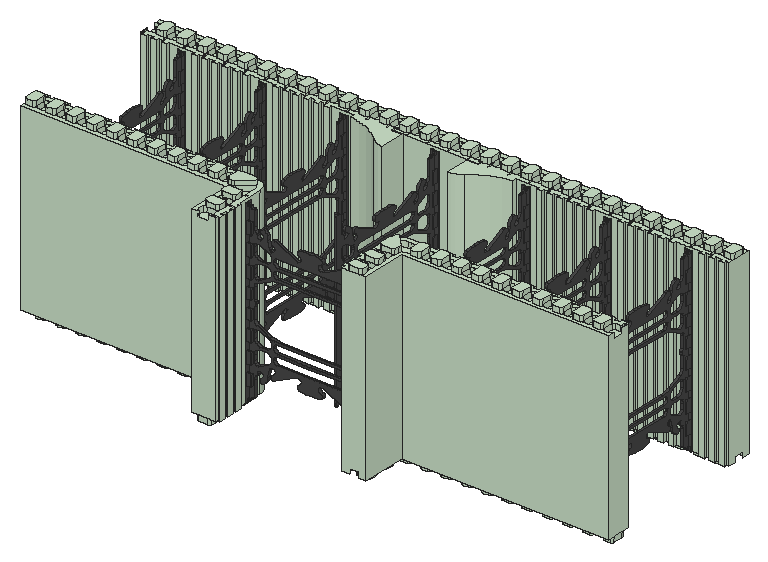
Revit family (continued)
Forms (mm)
  Extrusion 52, void
    sketch origin (50.831, -0.023, 0) x (0, -1, 0) y (1, 0, 0)
      loop
        arc (-130.453, -639.396) -> (-131.763, -647.7) -> (-130.453, -656.003) r 26.987
        arc (-130.453, -656.003) -> (-128.147, -659.184) -> (-124.411, -660.4) r 6.35
        line (-124.411, -660.4) -> (-101.014, -660.4)
        arc (-101.014, -660.4) -> (-98.696, -659.961) -> (-96.698, -658.708) r 6.35
        arc (-96.698, -658.708) -> (-96.199, -658.394) -> (-95.62, -658.285) r 1.588
        line (-95.62, -658.285) -> (-86.829, -658.285) -> (-86.829, -653.946) -> (-92.457, -653.946)
        arc (-92.457, -653.946) -> (-93.668, -653.385) -> (-94.024, -652.1) r 1.588
        arc (-94.024, -652.1) -> (-93.737, -645.691) -> (-94.972, -639.396) r 26.988
        arc (-94.972, -639.396) -> (-97.278, -636.215) -> (-101.014, -635) r 6.35
        line (-101.014, -635) -> (-124.411, -635)
        arc (-124.411, -635) -> (-128.147, -636.215) -> (-130.453, -639.396) r 6.35
    from 457.2 to 444.5
  Extrusion 53, void
    sketch origin (101.631, -0.023, 0) x (0, -1, 0) y (1, 0, 0)
      loop
        arc (-130.453, -639.396) -> (-131.763, -647.7) -> (-130.453, -656.003) r 26.987
        arc (-130.453, -656.003) -> (-128.147, -659.184) -> (-124.411, -660.4) r 6.35
        line (-124.411, -660.4) -> (-101.014, -660.4)
        arc (-101.014, -660.4) -> (-98.696, -659.961) -> (-96.698, -658.708) r 6.35
        arc (-96.698, -658.708) -> (-96.199, -658.394) -> (-95.62, -658.285) r 1.588
        line (-95.62, -658.285) -> (-86.829, -658.285) -> (-86.829, -653.946) -> (-92.457, -653.946)
        arc (-92.457, -653.946) -> (-93.668, -653.385) -> (-94.024, -652.1) r 1.588
        arc (-94.024, -652.1) -> (-93.737, -645.691) -> (-94.972, -639.396) r 26.988
        arc (-94.972, -639.396) -> (-97.278, -636.215) -> (-101.014, -635) r 6.35
        line (-101.014, -635) -> (-124.411, -635)
        arc (-124.411, -635) -> (-128.147, -636.215) -> (-130.453, -639.396) r 6.35
    from 457.2 to 444.5
  Extrusion 54, void
    sketch origin (-914.368, -152.422, 0) x (0, 1, 0) y (-1, 0, 0)
      loop
        arc (-130.453, -639.396) -> (-131.763, -647.7) -> (-130.453, -656.003) r 26.987
        arc (-130.453, -656.003) -> (-128.147, -659.184) -> (-124.411, -660.4) r 6.35
        line (-124.411, -660.4) -> (-101.014, -660.4)
        arc (-101.014, -660.4) -> (-98.696, -659.961) -> (-96.698, -658.708) r 6.35
        arc (-96.698, -658.708) -> (-96.199, -658.394) -> (-95.62, -658.285) r 1.588
        line (-95.62, -658.285) -> (-86.829, -658.285) -> (-86.829, -653.946) -> (-92.457, -653.946)
        arc (-92.457, -653.946) -> (-93.668, -653.385) -> (-94.024, -652.1) r 1.588
        arc (-94.024, -652.1) -> (-93.737, -645.691) -> (-94.972, -639.396) r 26.988
        arc (-94.972, -639.396) -> (-97.278, -636.215) -> (-101.014, -635) r 6.35
        line (-101.014, -635) -> (-124.411, -635)
        arc (-124.411, -635) -> (-128.147, -636.215) -> (-130.453, -639.396) r 6.35
    from 457.2 to 444.5
  Extrusion 55, void
    sketch origin (-965.168, -152.422, 0) x (0, 1, 0) y (-1, 0, 0)
      loop
        arc (-130.453, -639.396) -> (-131.763, -647.7) -> (-130.453, -656.003) r 26.987
        arc (-130.453, -656.003) -> (-128.147, -659.184) -> (-124.411, -660.4) r 6.35
        line (-124.411, -660.4) -> (-101.014, -660.4)
        arc (-101.014, -660.4) -> (-98.696, -659.961) -> (-96.698, -658.708) r 6.35
        arc (-96.698, -658.708) -> (-96.199, -658.394) -> (-95.62, -658.285) r 1.588
        line (-95.62, -658.285) -> (-86.829, -658.285) -> (-86.829, -653.946) -> (-92.457, -653.946)
        arc (-92.457, -653.946) -> (-93.668, -653.385) -> (-94.024, -652.1) r 1.588
        arc (-94.024, -652.1) -> (-93.737, -645.691) -> (-94.972, -639.396) r 26.988
        arc (-94.972, -639.396) -> (-97.278, -636.215) -> (-101.014, -635) r 6.35
        line (-101.014, -635) -> (-124.411, -635)
        arc (-124.411, -635) -> (-128.147, -636.215) -> (-130.453, -639.396) r 6.35
    from 457.2 to 444.5
  Extrusion 56, void
    sketch origin (-1015.968, -152.422, 0) x (0, 1, 0) y (-1, 0, 0)
      loop
        arc (-130.453, -639.396) -> (-131.763, -647.7) -> (-130.453, -656.003) r 26.987
        arc (-130.453, -656.003) -> (-128.147, -659.184) -> (-124.411, -660.4) r 6.35
        line (-124.411, -660.4) -> (-101.014, -660.4)
        arc (-101.014, -660.4) -> (-98.696, -659.961) -> (-96.698, -658.708) r 6.35
        arc (-96.698, -658.708) -> (-96.199, -658.394) -> (-95.62, -658.285) r 1.588
        line (-95.62, -658.285) -> (-86.829, -658.285) -> (-86.829, -653.946) -> (-92.457, -653.946)
        arc (-92.457, -653.946) -> (-93.668, -653.385) -> (-94.024, -652.1) r 1.588
        arc (-94.024, -652.1) -> (-93.737, -645.691) -> (-94.972, -639.396) r 26.988
        arc (-94.972, -639.396) -> (-97.278, -636.215) -> (-101.014, -635) r 6.35
        line (-101.014, -635) -> (-124.411, -635)
        arc (-124.411, -635) -> (-128.147, -636.215) -> (-130.453, -639.396) r 6.35
    from 457.2 to 444.5
  Extrusion 57, void
    sketch origin (-1066.768, -152.422, 0) x (0, 1, 0) y (-1, 0, 0)
      loop
        arc (-130.453, -639.396) -> (-131.763, -647.7) -> (-130.453, -656.003) r 26.987
        arc (-130.453, -656.003) -> (-128.147, -659.184) -> (-124.411, -660.4) r 6.35
        line (-124.411, -660.4) -> (-101.014, -660.4)
        arc (-101.014, -660.4) -> (-98.696, -659.961) -> (-96.698, -658.708) r 6.35
        arc (-96.698, -658.708) -> (-96.199, -658.394) -> (-95.62, -658.285) r 1.588
        line (-95.62, -658.285) -> (-86.829, -658.285) -> (-86.829, -653.946) -> (-92.457, -653.946)
        arc (-92.457, -653.946) -> (-93.668, -653.385) -> (-94.024, -652.1) r 1.588
        arc (-94.024, -652.1) -> (-93.737, -645.691) -> (-94.972, -639.396) r 26.988
        arc (-94.972, -639.396) -> (-97.278, -636.215) -> (-101.014, -635) r 6.35
        line (-101.014, -635) -> (-124.411, -635)
        arc (-124.411, -635) -> (-128.147, -636.215) -> (-130.453, -639.396) r 6.35
    from 457.2 to 444.5
  Extrusion 58, void
    sketch origin (-1117.568, -152.422, 0) x (0, 1, 0) y (-1, 0, 0)
      loop
        arc (-130.453, -639.396) -> (-131.763, -647.7) -> (-130.453, -656.003) r 26.987
        arc (-130.453, -656.003) -> (-128.147, -659.184) -> (-124.411, -660.4) r 6.35
        line (-124.411, -660.4) -> (-101.014, -660.4)
        arc (-101.014, -660.4) -> (-98.696, -659.961) -> (-96.698, -658.708) r 6.35
        arc (-96.698, -658.708) -> (-96.199, -658.394) -> (-95.62, -658.285) r 1.588
        line (-95.62, -658.285) -> (-86.829, -658.285) -> (-86.829, -653.946) -> (-92.457, -653.946)
        arc (-92.457, -653.946) -> (-93.668, -653.385) -> (-94.024, -652.1) r 1.588
        arc (-94.024, -652.1) -> (-93.737, -645.691) -> (-94.972, -639.396) r 26.988
        arc (-94.972, -639.396) -> (-97.278, -636.215) -> (-101.014, -635) r 6.35
        line (-101.014, -635) -> (-124.411, -635)
        arc (-124.411, -635) -> (-128.147, -636.215) -> (-130.453, -639.396) r 6.35
    from 457.2 to 444.5
  Extrusion 59, void
    sketch origin (-1168.368, -152.422, 0) x (0, 1, 0) y (-1, 0, 0)
      loop
        arc (-130.453, -639.396) -> (-131.763, -647.7) -> (-130.453, -656.003) r 26.987
        arc (-130.453, -656.003) -> (-128.147, -659.184) -> (-124.411, -660.4) r 6.35
        line (-124.411, -660.4) -> (-101.014, -660.4)
        arc (-101.014, -660.4) -> (-98.696, -659.961) -> (-96.698, -658.708) r 6.35
        arc (-96.698, -658.708) -> (-96.199, -658.394) -> (-95.62, -658.285) r 1.588
        line (-95.62, -658.285) -> (-86.829, -658.285) -> (-86.829, -653.946) -> (-92.457, -653.946)
        arc (-92.457, -653.946) -> (-93.668, -653.385) -> (-94.024, -652.1) r 1.588
        arc (-94.024, -652.1) -> (-93.737, -645.691) -> (-94.972, -639.396) r 26.988
        arc (-94.972, -639.396) -> (-97.278, -636.215) -> (-101.014, -635) r 6.35
        line (-101.014, -635) -> (-124.411, -635)
        arc (-124.411, -635) -> (-128.147, -636.215) -> (-130.453, -639.396) r 6.35
    from 457.2 to 444.5
  Extrusion 60, void
    sketch origin (-1219.168, -152.422, 0) x (0, 1, 0) y (-1, 0, 0)
      loop
        arc (-130.453, -639.396) -> (-131.763, -647.7) -> (-130.453, -656.003) r 26.987
        arc (-130.453, -656.003) -> (-128.147, -659.184) -> (-124.411, -660.4) r 6.35
        line (-124.411, -660.4) -> (-101.014, -660.4)
        arc (-101.014, -660.4) -> (-98.696, -659.961) -> (-96.698, -658.708) r 6.35
        arc (-96.698, -658.708) -> (-96.199, -658.394) -> (-95.62, -658.285) r 1.588
        line (-95.62, -658.285) -> (-86.829, -658.285) -> (-86.829, -653.946) -> (-92.457, -653.946)
        arc (-92.457, -653.946) -> (-93.668, -653.385) -> (-94.024, -652.1) r 1.588
        arc (-94.024, -652.1) -> (-93.737, -645.691) -> (-94.972, -639.396) r 26.988
        arc (-94.972, -639.396) -> (-97.278, -636.215) -> (-101.014, -635) r 6.35
        line (-101.014, -635) -> (-124.411, -635)
        arc (-124.411, -635) -> (-128.147, -636.215) -> (-130.453, -639.396) r 6.35
    from 457.2 to 444.5
  Extrusion 61, void
    sketch origin (-1269.968, -152.422, 0) x (0, 1, 0) y (-1, 0, 0)
      loop
        arc (-130.453, -639.396) -> (-131.763, -647.7) -> (-130.453, -656.003) r 26.987
        arc (-130.453, -656.003) -> (-128.147, -659.184) -> (-124.411, -660.4) r 6.35
        line (-124.411, -660.4) -> (-101.014, -660.4)
        arc (-101.014, -660.4) -> (-98.696, -659.961) -> (-96.698, -658.708) r 6.35
        arc (-96.698, -658.708) -> (-96.199, -658.394) -> (-95.62, -658.285) r 1.588
        line (-95.62, -658.285) -> (-86.829, -658.285) -> (-86.829, -653.946) -> (-92.457, -653.946)
        arc (-92.457, -653.946) -> (-93.668, -653.385) -> (-94.024, -652.1) r 1.588
        arc (-94.024, -652.1) -> (-93.737, -645.691) -> (-94.972, -639.396) r 26.988
        arc (-94.972, -639.396) -> (-97.278, -636.215) -> (-101.014, -635) r 6.35
        line (-101.014, -635) -> (-124.411, -635)
        arc (-124.411, -635) -> (-128.147, -636.215) -> (-130.453, -639.396) r 6.35
    from 457.2 to 444.5
  Extrusion 62, void
    sketch origin (-203.168, -152.422, 0) x (0, 1, 0) y (-1, 0, 0)
      loop
        arc (-130.453, -639.396) -> (-131.763, -647.7) -> (-130.453, -656.003) r 26.987
        arc (-130.453, -656.003) -> (-128.147, -659.184) -> (-124.411, -660.4) r 6.35
        line (-124.411, -660.4) -> (-101.014, -660.4)
        arc (-101.014, -660.4) -> (-98.696, -659.961) -> (-96.698, -658.708) r 6.35
        arc (-96.698, -658.708) -> (-96.199, -658.394) -> (-95.62, -658.285) r 1.588
        line (-95.62, -658.285) -> (-86.829, -658.285) -> (-86.829, -653.946) -> (-92.457, -653.946)
        arc (-92.457, -653.946) -> (-93.668, -653.385) -> (-94.024, -652.1) r 1.588
        arc (-94.024, -652.1) -> (-93.737, -645.691) -> (-94.972, -639.396) r 26.988
        arc (-94.972, -639.396) -> (-97.278, -636.215) -> (-101.014, -635) r 6.35
        line (-101.014, -635) -> (-124.411, -635)
        arc (-124.411, -635) -> (-128.147, -636.215) -> (-130.453, -639.396) r 6.35
    from 457.2 to 444.5
  Extrusion 63, void
    sketch origin (-152.368, -152.422, 0) x (0, 1, 0) y (-1, 0, 0)
      loop
        arc (-130.453, -639.396) -> (-131.763, -647.7) -> (-130.453, -656.003) r 26.987
        arc (-130.453, -656.003) -> (-128.147, -659.184) -> (-124.411, -660.4) r 6.35
        line (-124.411, -660.4) -> (-101.014, -660.4)
        arc (-101.014, -660.4) -> (-98.696, -659.961) -> (-96.698, -658.708) r 6.35
        arc (-96.698, -658.708) -> (-96.199, -658.394) -> (-95.62, -658.285) r 1.588
        line (-95.62, -658.285) -> (-86.829, -658.285) -> (-86.829, -653.946) -> (-92.457, -653.946)
        arc (-92.457, -653.946) -> (-93.668, -653.385) -> (-94.024, -652.1) r 1.588
        arc (-94.024, -652.1) -> (-93.737, -645.691) -> (-94.972, -639.396) r 26.988
        arc (-94.972, -639.396) -> (-97.278, -636.215) -> (-101.014, -635) r 6.35
        line (-101.014, -635) -> (-124.411, -635)
        arc (-124.411, -635) -> (-128.147, -636.215) -> (-130.453, -639.396) r 6.35
    from 457.2 to 444.5
  Extrusion 64, void
    sketch origin (-101.568, -152.422, 0) x (0, 1, 0) y (-1, 0, 0)
      loop
        arc (-130.453, -639.396) -> (-131.763, -647.7) -> (-130.453, -656.003) r 26.987
        arc (-130.453, -656.003) -> (-128.147, -659.184) -> (-124.411, -660.4) r 6.35
        line (-124.411, -660.4) -> (-101.014, -660.4)
        arc (-101.014, -660.4) -> (-98.696, -659.961) -> (-96.698, -658.708) r 6.35
        arc (-96.698, -658.708) -> (-96.199, -658.394) -> (-95.62, -658.285) r 1.588
        line (-95.62, -658.285) -> (-86.829, -658.285) -> (-86.829, -653.946) -> (-92.457, -653.946)
        arc (-92.457, -653.946) -> (-93.668, -653.385) -> (-94.024, -652.1) r 1.588
        arc (-94.024, -652.1) -> (-93.737, -645.691) -> (-94.972, -639.396) r 26.988
        arc (-94.972, -639.396) -> (-97.278, -636.215) -> (-101.014, -635) r 6.35
        line (-101.014, -635) -> (-124.411, -635)
        arc (-124.411, -635) -> (-128.147, -636.215) -> (-130.453, -639.396) r 6.35
    from 457.2 to 444.5
  Extrusion 65, void
    sketch origin (-50.768, -152.422, 0) x (0, 1, 0) y (-1, 0, 0)
      loop
        arc (-130.453, -639.396) -> (-131.763, -647.7) -> (-130.453, -656.003) r 26.987
        arc (-130.453, -656.003) -> (-128.147, -659.184) -> (-124.411, -660.4) r 6.35
        line (-124.411, -660.4) -> (-101.014, -660.4)
        arc (-101.014, -660.4) -> (-98.696, -659.961) -> (-96.698, -658.708) r 6.35
        arc (-96.698, -658.708) -> (-96.199, -658.394) -> (-95.62, -658.285) r 1.588
        line (-95.62, -658.285) -> (-86.829, -658.285) -> (-86.829, -653.946) -> (-92.457, -653.946)
        arc (-92.457, -653.946) -> (-93.668, -653.385) -> (-94.024, -652.1) r 1.588
        arc (-94.024, -652.1) -> (-93.737, -645.691) -> (-94.972, -639.396) r 26.988
        arc (-94.972, -639.396) -> (-97.278, -636.215) -> (-101.014, -635) r 6.35
        line (-101.014, -635) -> (-124.411, -635)
        arc (-124.411, -635) -> (-128.147, -636.215) -> (-130.453, -639.396) r 6.35
    from 457.2 to 444.5
  Extrusion 66, void
    sketch origin (0.032, -152.422, 0) x (0, 1, 0) y (-1, 0, 0)
      loop
        arc (-130.453, -639.396) -> (-131.763, -647.7) -> (-130.453, -656.003) r 26.987
        arc (-130.453, -656.003) -> (-128.147, -659.184) -> (-124.411, -660.4) r 6.35
        line (-124.411, -660.4) -> (-101.014, -660.4)
        arc (-101.014, -660.4) -> (-98.696, -659.961) -> (-96.698, -658.708) r 6.35
        arc (-96.698, -658.708) -> (-96.199, -658.394) -> (-95.62, -658.285) r 1.588
        line (-95.62, -658.285) -> (-86.829, -658.285) -> (-86.829, -653.946) -> (-92.457, -653.946)
        arc (-92.457, -653.946) -> (-93.668, -653.385) -> (-94.024, -652.1) r 1.588
        arc (-94.024, -652.1) -> (-93.737, -645.691) -> (-94.972, -639.396) r 26.988
        arc (-94.972, -639.396) -> (-97.278, -636.215) -> (-101.014, -635) r 6.35
        line (-101.014, -635) -> (-124.411, -635)
        arc (-124.411, -635) -> (-128.147, -636.215) -> (-130.453, -639.396) r 6.35
    from 457.2 to 444.5
  Extrusion 67, void
    sketch origin (50.832, -152.422, 0) x (0, 1, 0) y (-1, 0, 0)
      loop
        arc (-130.453, -639.396) -> (-131.763, -647.7) -> (-130.453, -656.003) r 26.987
        arc (-130.453, -656.003) -> (-128.147, -659.184) -> (-124.411, -660.4) r 6.35
        line (-124.411, -660.4) -> (-101.014, -660.4)
        arc (-101.014, -660.4) -> (-98.696, -659.961) -> (-96.698, -658.708) r 6.35
        arc (-96.698, -658.708) -> (-96.199, -658.394) -> (-95.62, -658.285) r 1.588
        line (-95.62, -658.285) -> (-86.829, -658.285) -> (-86.829, -653.946) -> (-92.457, -653.946)
        arc (-92.457, -653.946) -> (-93.668, -653.385) -> (-94.024, -652.1) r 1.588
        arc (-94.024, -652.1) -> (-93.737, -645.691) -> (-94.972, -639.396) r 26.988
        arc (-94.972, -639.396) -> (-97.278, -636.215) -> (-101.014, -635) r 6.35
        line (-101.014, -635) -> (-124.411, -635)
        arc (-124.411, -635) -> (-128.147, -636.215) -> (-130.453, -639.396) r 6.35
    from 457.2 to 444.5
  Extrusion 68, void
    sketch origin (101.632, -152.422, 0) x (0, 1, 0) y (-1, 0, 0)
      loop
        arc (-130.453, -639.396) -> (-131.763, -647.7) -> (-130.453, -656.003) r 26.987
        arc (-130.453, -656.003) -> (-128.147, -659.184) -> (-124.411, -660.4) r 6.35
        line (-124.411, -660.4) -> (-101.014, -660.4)
        arc (-101.014, -660.4) -> (-98.696, -659.961) -> (-96.698, -658.708) r 6.35
        arc (-96.698, -658.708) -> (-96.199, -658.394) -> (-95.62, -658.285) r 1.588
        line (-95.62, -658.285) -> (-86.829, -658.285) -> (-86.829, -653.946) -> (-92.457, -653.946)
        arc (-92.457, -653.946) -> (-93.668, -653.385) -> (-94.024, -652.1) r 1.588
        arc (-94.024, -652.1) -> (-93.737, -645.691) -> (-94.972, -639.396) r 26.988
        arc (-94.972, -639.396) -> (-97.278, -636.215) -> (-101.014, -635) r 6.35
        line (-101.014, -635) -> (-124.411, -635)
        arc (-124.411, -635) -> (-128.147, -636.215) -> (-130.453, -639.396) r 6.35
    from 457.2 to 444.5
  Extrusion 69, void
    sketch origin (152.432, -152.422, 0) x (0, 1, 0) y (-1, 0, 0)
      loop
        arc (-130.453, -639.396) -> (-131.763, -647.7) -> (-130.453, -656.003) r 26.987
        arc (-130.453, -656.003) -> (-128.147, -659.184) -> (-124.411, -660.4) r 6.35
        line (-124.411, -660.4) -> (-101.014, -660.4)
        arc (-101.014, -660.4) -> (-98.696, -659.961) -> (-96.698, -658.708) r 6.35
        arc (-96.698, -658.708) -> (-96.199, -658.394) -> (-95.62, -658.285) r 1.588
        line (-95.62, -658.285) -> (-86.829, -658.285) -> (-86.829, -653.946) -> (-92.457, -653.946)
        arc (-92.457, -653.946) -> (-93.668, -653.385) -> (-94.024, -652.1) r 1.588
        arc (-94.024, -652.1) -> (-93.737, -645.691) -> (-94.972, -639.396) r 26.988
        arc (-94.972, -639.396) -> (-97.278, -636.215) -> (-101.014, -635) r 6.35
        line (-101.014, -635) -> (-124.411, -635)
        arc (-124.411, -635) -> (-128.147, -636.215) -> (-130.453, -639.396) r 6.35
    from 457.2 to 444.5
  Extrusion 70, void
    sketch origin (965.231, -0.023, 0) x (0, -1, 0) y (1, 0, 0)
      loop
        arc (-130.453, -639.396) -> (-131.763, -647.7) -> (-130.453, -656.003) r 26.987
        arc (-130.453, -656.003) -> (-128.147, -659.184) -> (-124.411, -660.4) r 6.35
        line (-124.411, -660.4) -> (-101.014, -660.4)
        arc (-101.014, -660.4) -> (-98.696, -659.961) -> (-96.698, -658.708) r 6.35
        arc (-96.698, -658.708) -> (-96.199, -658.394) -> (-95.62, -658.285) r 1.588
        line (-95.62, -658.285) -> (-86.829, -658.285) -> (-86.829, -653.946) -> (-92.457, -653.946)
        arc (-92.457, -653.946) -> (-93.668, -653.385) -> (-94.024, -652.1) r 1.588
        arc (-94.024, -652.1) -> (-93.737, -645.691) -> (-94.972, -639.396) r 26.988
        arc (-94.972, -639.396) -> (-97.278, -636.215) -> (-101.014, -635) r 6.35
        line (-101.014, -635) -> (-124.411, -635)
        arc (-124.411, -635) -> (-128.147, -636.215) -> (-130.453, -639.396) r 6.35
    from 457.2 to 444.5
  Extrusion 71, void
    sketch origin (1016.031, -0.023, 0) x (0, -1, 0) y (1, 0, 0)
      loop
        arc (-130.453, -639.396) -> (-131.763, -647.7) -> (-130.453, -656.003) r 26.987
        arc (-130.453, -656.003) -> (-128.147, -659.184) -> (-124.411, -660.4) r 6.35
        line (-124.411, -660.4) -> (-101.014, -660.4)
        arc (-101.014, -660.4) -> (-98.696, -659.961) -> (-96.698, -658.708) r 6.35
        arc (-96.698, -658.708) -> (-96.199, -658.394) -> (-95.62, -658.285) r 1.588
        line (-95.62, -658.285) -> (-86.829, -658.285) -> (-86.829, -653.946) -> (-92.457, -653.946)
        arc (-92.457, -653.946) -> (-93.668, -653.385) -> (-94.024, -652.1) r 1.588
        arc (-94.024, -652.1) -> (-93.737, -645.691) -> (-94.972, -639.396) r 26.988
        arc (-94.972, -639.396) -> (-97.278, -636.215) -> (-101.014, -635) r 6.35
        line (-101.014, -635) -> (-124.411, -635)
        arc (-124.411, -635) -> (-128.147, -636.215) -> (-130.453, -639.396) r 6.35
    from 457.2 to 444.5
  Extrusion 72, void
    sketch origin (1066.831, -0.023, 0) x (0, -1, 0) y (1, 0, 0)
      loop
        arc (-130.453, -639.396) -> (-131.763, -647.7) -> (-130.453, -656.003) r 26.987
        arc (-130.453, -656.003) -> (-128.147, -659.184) -> (-124.411, -660.4) r 6.35
        line (-124.411, -660.4) -> (-101.014, -660.4)
        arc (-101.014, -660.4) -> (-98.696, -659.961) -> (-96.698, -658.708) r 6.35
        arc (-96.698, -658.708) -> (-96.199, -658.394) -> (-95.62, -658.285) r 1.588
        line (-95.62, -658.285) -> (-86.829, -658.285) -> (-86.829, -653.946) -> (-92.457, -653.946)
        arc (-92.457, -653.946) -> (-93.668, -653.385) -> (-94.024, -652.1) r 1.588
        arc (-94.024, -652.1) -> (-93.737, -645.691) -> (-94.972, -639.396) r 26.988
        arc (-94.972, -639.396) -> (-97.278, -636.215) -> (-101.014, -635) r 6.35
        line (-101.014, -635) -> (-124.411, -635)
        arc (-124.411, -635) -> (-128.147, -636.215) -> (-130.453, -639.396) r 6.35
    from 457.2 to 444.5
  Extrusion 73, void
    sketch origin (1117.631, -0.023, 0) x (0, -1, 0) y (1, 0, 0)
      loop
        arc (-130.453, -639.396) -> (-131.763, -647.7) -> (-130.453, -656.003) r 26.987
        arc (-130.453, -656.003) -> (-128.147, -659.184) -> (-124.411, -660.4) r 6.35
        line (-124.411, -660.4) -> (-101.014, -660.4)
        arc (-101.014, -660.4) -> (-98.696, -659.961) -> (-96.698, -658.708) r 6.35
        arc (-96.698, -658.708) -> (-96.199, -658.394) -> (-95.62, -658.285) r 1.588
        line (-95.62, -658.285) -> (-86.829, -658.285) -> (-86.829, -653.946) -> (-92.457, -653.946)
        arc (-92.457, -653.946) -> (-93.668, -653.385) -> (-94.024, -652.1) r 1.588
        arc (-94.024, -652.1) -> (-93.737, -645.691) -> (-94.972, -639.396) r 26.988
        arc (-94.972, -639.396) -> (-97.278, -636.215) -> (-101.014, -635) r 6.35
        line (-101.014, -635) -> (-124.411, -635)
        arc (-124.411, -635) -> (-128.147, -636.215) -> (-130.453, -639.396) r 6.35
    from 457.2 to 444.5
  Extrusion 74, void
    sketch origin (1168.431, -0.023, 0) x (0, -1, 0) y (1, 0, 0)
      loop
        arc (-130.453, -639.396) -> (-131.763, -647.7) -> (-130.453, -656.003) r 26.987
        arc (-130.453, -656.003) -> (-128.147, -659.184) -> (-124.411, -660.4) r 6.35
        line (-124.411, -660.4) -> (-101.014, -660.4)
        arc (-101.014, -660.4) -> (-98.696, -659.961) -> (-96.698, -658.708) r 6.35
        arc (-96.698, -658.708) -> (-96.199, -658.394) -> (-95.62, -658.285) r 1.588
        line (-95.62, -658.285) -> (-86.829, -658.285) -> (-86.829, -653.946) -> (-92.457, -653.946)
        arc (-92.457, -653.946) -> (-93.668, -653.385) -> (-94.024, -652.1) r 1.588
        arc (-94.024, -652.1) -> (-93.737, -645.691) -> (-94.972, -639.396) r 26.988
        arc (-94.972, -639.396) -> (-97.278, -636.215) -> (-101.014, -635) r 6.35
        line (-101.014, -635) -> (-124.411, -635)
        arc (-124.411, -635) -> (-128.147, -636.215) -> (-130.453, -639.396) r 6.35
    from 457.2 to 444.5
  Extrusion 75, void
    sketch origin (1219.231, -0.023, 0) x (0, -1, 0) y (1, 0, 0)
      loop
        arc (-130.453, -639.396) -> (-131.763, -647.7) -> (-130.453, -656.003) r 26.987
        arc (-130.453, -656.003) -> (-128.147, -659.184) -> (-124.411, -660.4) r 6.35
        line (-124.411, -660.4) -> (-101.014, -660.4)
        arc (-101.014, -660.4) -> (-98.696, -659.961) -> (-96.698, -658.708) r 6.35
        arc (-96.698, -658.708) -> (-96.199, -658.394) -> (-95.62, -658.285) r 1.588
        line (-95.62, -658.285) -> (-86.829, -658.285) -> (-86.829, -653.946) -> (-92.457, -653.946)
        arc (-92.457, -653.946) -> (-93.668, -653.385) -> (-94.024, -652.1) r 1.588
        arc (-94.024, -652.1) -> (-93.737, -645.691) -> (-94.972, -639.396) r 26.988
        arc (-94.972, -639.396) -> (-97.278, -636.215) -> (-101.014, -635) r 6.35
        line (-101.014, -635) -> (-124.411, -635)
        arc (-124.411, -635) -> (-128.147, -636.215) -> (-130.453, -639.396) r 6.35
    from 457.2 to 444.5
  Extrusion 76, void
    sketch origin (1270.031, -0.023, 0) x (0, -1, 0) y (1, 0, 0)
      loop
        arc (-130.453, -639.396) -> (-131.763, -647.7) -> (-130.453, -656.003) r 26.987
        arc (-130.453, -656.003) -> (-128.147, -659.184) -> (-124.411, -660.4) r 6.35
        line (-124.411, -660.4) -> (-101.014, -660.4)
        arc (-101.014, -660.4) -> (-98.696, -659.961) -> (-96.698, -658.708) r 6.35
        arc (-96.698, -658.708) -> (-96.199, -658.394) -> (-95.62, -658.285) r 1.588
        line (-95.62, -658.285) -> (-86.829, -658.285) -> (-86.829, -653.946) -> (-92.457, -653.946)
        arc (-92.457, -653.946) -> (-93.668, -653.385) -> (-94.024, -652.1) r 1.588
        arc (-94.024, -652.1) -> (-93.737, -645.691) -> (-94.972, -639.396) r 26.988
        arc (-94.972, -639.396) -> (-97.278, -636.215) -> (-101.014, -635) r 6.35
        line (-101.014, -635) -> (-124.411, -635)
        arc (-124.411, -635) -> (-128.147, -636.215) -> (-130.453, -639.396) r 6.35
    from 457.2 to 444.5
  Extrusion 77, void
    sketch origin (914.431, -0.023, 0) x (0, -1, 0) y (1, 0, 0)
      loop
        arc (-130.453, -639.396) -> (-131.763, -647.7) -> (-130.453, -656.003) r 26.987
        arc (-130.453, -656.003) -> (-128.147, -659.184) -> (-124.411, -660.4) r 6.35
        line (-124.411, -660.4) -> (-101.014, -660.4)
        arc (-101.014, -660.4) -> (-98.696, -659.961) -> (-96.698, -658.708) r 6.35
        arc (-96.698, -658.708) -> (-96.199, -658.394) -> (-95.62, -658.285) r 1.588
        line (-95.62, -658.285) -> (-86.829, -658.285) -> (-86.829, -653.946) -> (-92.457, -653.946)
        arc (-92.457, -653.946) -> (-93.668, -653.385) -> (-94.024, -652.1) r 1.588
        arc (-94.024, -652.1) -> (-93.737, -645.691) -> (-94.972, -639.396) r 26.988
        arc (-94.972, -639.396) -> (-97.278, -636.215) -> (-101.014, -635) r 6.35
        line (-101.014, -635) -> (-124.411, -635)
        arc (-124.411, -635) -> (-128.147, -636.215) -> (-130.453, -639.396) r 6.35
    from 457.2 to 444.5
  Extrusion 78, void
    sketch origin (355.631, -152.422, 0) x (0, 1, 0) y (-1, 0, 0)
      loop
        arc (-130.453, 639.396) -> (-128.147, 636.215) -> (-124.411, 635) r 6.35
        line (-124.411, 635) -> (-101.014, 635)
        arc (-101.014, 635) -> (-97.278, 636.215) -> (-94.972, 639.396) r 6.35
        arc (-94.972, 639.396) -> (-93.737, 645.691) -> (-94.024, 652.1) r 26.988
        arc (-94.024, 652.1) -> (-93.668, 653.385) -> (-92.457, 653.946) r 1.588
        line (-92.457, 653.946) -> (-86.829, 653.946) -> (-86.829, 658.285) -> (-95.62, 658.285)
        arc (-95.62, 658.285) -> (-96.199, 658.394) -> (-96.698, 658.708) r 1.588
        arc (-96.698, 658.708) -> (-98.696, 659.961) -> (-101.014, 660.4) r 6.35
        line (-101.014, 660.4) -> (-124.411, 660.4)
        arc (-124.411, 660.4) -> (-128.147, 659.184) -> (-130.453, 656.003) r 6.35
        arc (-130.453, 656.003) -> (-131.763, 647.7) -> (-130.453, 639.396) r 26.987
    from 0 to 12.7
  Extrusion 79, void
    sketch origin (304.831, -152.422, 0) x (0, 1, 0) y (-1, 0, 0)
      loop
        arc (-130.453, 639.396) -> (-128.147, 636.215) -> (-124.411, 635) r 6.35
        line (-124.411, 635) -> (-101.014, 635)
        arc (-101.014, 635) -> (-97.278, 636.215) -> (-94.972, 639.396) r 6.35
        arc (-94.972, 639.396) -> (-93.737, 645.691) -> (-94.024, 652.1) r 26.988
        arc (-94.024, 652.1) -> (-93.668, 653.385) -> (-92.457, 653.946) r 1.588
        line (-92.457, 653.946) -> (-86.829, 653.946) -> (-86.829, 658.285) -> (-95.62, 658.285)
        arc (-95.62, 658.285) -> (-96.199, 658.394) -> (-96.698, 658.708) r 1.588
        arc (-96.698, 658.708) -> (-98.696, 659.961) -> (-101.014, 660.4) r 6.35
        line (-101.014, 660.4) -> (-124.411, 660.4)
        arc (-124.411, 660.4) -> (-128.147, 659.184) -> (-130.453, 656.003) r 6.35
        arc (-130.453, 656.003) -> (-131.763, 647.7) -> (-130.453, 639.396) r 26.987
    from 0 to 12.7
  Extrusion 80, void
    sketch origin (254.031, -152.422, 0) x (0, 1, 0) y (-1, 0, 0)
      loop
        arc (-130.453, 639.396) -> (-128.147, 636.215) -> (-124.411, 635) r 6.35
        line (-124.411, 635) -> (-101.014, 635)
        arc (-101.014, 635) -> (-97.278, 636.215) -> (-94.972, 639.396) r 6.35
        arc (-94.972, 639.396) -> (-93.737, 645.691) -> (-94.024, 652.1) r 26.988
        arc (-94.024, 652.1) -> (-93.668, 653.385) -> (-92.457, 653.946) r 1.588
        line (-92.457, 653.946) -> (-86.829, 653.946) -> (-86.829, 658.285) -> (-95.62, 658.285)
        arc (-95.62, 658.285) -> (-96.199, 658.394) -> (-96.698, 658.708) r 1.588
        arc (-96.698, 658.708) -> (-98.696, 659.961) -> (-101.014, 660.4) r 6.35
        line (-101.014, 660.4) -> (-124.411, 660.4)
        arc (-124.411, 660.4) -> (-128.147, 659.184) -> (-130.453, 656.003) r 6.35
        arc (-130.453, 656.003) -> (-131.763, 647.7) -> (-130.453, 639.396) r 26.987
    from 0 to 12.7
  Extrusion 81, void
    sketch origin (203.231, -152.422, 0) x (0, 1, 0) y (-1, 0, 0)
      loop
        arc (-130.453, 639.396) -> (-128.147, 636.215) -> (-124.411, 635) r 6.35
        line (-124.411, 635) -> (-101.014, 635)
        arc (-101.014, 635) -> (-97.278, 636.215) -> (-94.972, 639.396) r 6.35
        arc (-94.972, 639.396) -> (-93.737, 645.691) -> (-94.024, 652.1) r 26.988
        arc (-94.024, 652.1) -> (-93.668, 653.385) -> (-92.457, 653.946) r 1.588
        line (-92.457, 653.946) -> (-86.829, 653.946) -> (-86.829, 658.285) -> (-95.62, 658.285)
        arc (-95.62, 658.285) -> (-96.199, 658.394) -> (-96.698, 658.708) r 1.588
        arc (-96.698, 658.708) -> (-98.696, 659.961) -> (-101.014, 660.4) r 6.35
        line (-101.014, 660.4) -> (-124.411, 660.4)
        arc (-124.411, 660.4) -> (-128.147, 659.184) -> (-130.453, 656.003) r 6.35
        arc (-130.453, 656.003) -> (-131.763, 647.7) -> (-130.453, 639.396) r 26.987
    from 0 to 12.7
  Extrusion 82, void
    sketch origin (152.431, -152.422, 0) x (0, 1, 0) y (-1, 0, 0)
      loop
        arc (-130.453, 639.396) -> (-128.147, 636.215) -> (-124.411, 635) r 6.35
        line (-124.411, 635) -> (-101.014, 635)
        arc (-101.014, 635) -> (-97.278, 636.215) -> (-94.972, 639.396) r 6.35
        arc (-94.972, 639.396) -> (-93.737, 645.691) -> (-94.024, 652.1) r 26.988
        arc (-94.024, 652.1) -> (-93.668, 653.385) -> (-92.457, 653.946) r 1.588
        line (-92.457, 653.946) -> (-86.829, 653.946) -> (-86.829, 658.285) -> (-95.62, 658.285)
        arc (-95.62, 658.285) -> (-96.199, 658.394) -> (-96.698, 658.708) r 1.588
        arc (-96.698, 658.708) -> (-98.696, 659.961) -> (-101.014, 660.4) r 6.35
        line (-101.014, 660.4) -> (-124.411, 660.4)
        arc (-124.411, 660.4) -> (-128.147, 659.184) -> (-130.453, 656.003) r 6.35
        arc (-130.453, 656.003) -> (-131.763, 647.7) -> (-130.453, 639.396) r 26.987
    from 0 to 12.7
  Extrusion 83, void
    sketch origin (101.631, -152.422, 0) x (0, 1, 0) y (-1, 0, 0)
      loop
        arc (-130.453, 639.396) -> (-128.147, 636.215) -> (-124.411, 635) r 6.35
        line (-124.411, 635) -> (-101.014, 635)
        arc (-101.014, 635) -> (-97.278, 636.215) -> (-94.972, 639.396) r 6.35
        arc (-94.972, 639.396) -> (-93.737, 645.691) -> (-94.024, 652.1) r 26.988
        arc (-94.024, 652.1) -> (-93.668, 653.385) -> (-92.457, 653.946) r 1.588
        line (-92.457, 653.946) -> (-86.829, 653.946) -> (-86.829, 658.285) -> (-95.62, 658.285)
        arc (-95.62, 658.285) -> (-96.199, 658.394) -> (-96.698, 658.708) r 1.588
        arc (-96.698, 658.708) -> (-98.696, 659.961) -> (-101.014, 660.4) r 6.35
        line (-101.014, 660.4) -> (-124.411, 660.4)
        arc (-124.411, 660.4) -> (-128.147, 659.184) -> (-130.453, 656.003) r 6.35
        arc (-130.453, 656.003) -> (-131.763, 647.7) -> (-130.453, 639.396) r 26.987
    from 0 to 12.7
  Extrusion 84, void
    sketch origin (50.831, -152.422, 0) x (0, 1, 0) y (-1, 0, 0)
      loop
        arc (-130.453, 639.396) -> (-128.147, 636.215) -> (-124.411, 635) r 6.35
        line (-124.411, 635) -> (-101.014, 635)
        arc (-101.014, 635) -> (-97.278, 636.215) -> (-94.972, 639.396) r 6.35
        arc (-94.972, 639.396) -> (-93.737, 645.691) -> (-94.024, 652.1) r 26.988
        arc (-94.024, 652.1) -> (-93.668, 653.385) -> (-92.457, 653.946) r 1.588
        line (-92.457, 653.946) -> (-86.829, 653.946) -> (-86.829, 658.285) -> (-95.62, 658.285)
        arc (-95.62, 658.285) -> (-96.199, 658.394) -> (-96.698, 658.708) r 1.588
        arc (-96.698, 658.708) -> (-98.696, 659.961) -> (-101.014, 660.4) r 6.35
        line (-101.014, 660.4) -> (-124.411, 660.4)
        arc (-124.411, 660.4) -> (-128.147, 659.184) -> (-130.453, 656.003) r 6.35
        arc (-130.453, 656.003) -> (-131.763, 647.7) -> (-130.453, 639.396) r 26.987
    from 0 to 12.7
  Extrusion 85, void
    sketch origin (0.031, -152.422, 0) x (0, 1, 0) y (-1, 0, 0)
      loop
        arc (-130.453, 639.396) -> (-128.147, 636.215) -> (-124.411, 635) r 6.35
        line (-124.411, 635) -> (-101.014, 635)
        arc (-101.014, 635) -> (-97.278, 636.215) -> (-94.972, 639.396) r 6.35
        arc (-94.972, 639.396) -> (-93.737, 645.691) -> (-94.024, 652.1) r 26.988
        arc (-94.024, 652.1) -> (-93.668, 653.385) -> (-92.457, 653.946) r 1.588
        line (-92.457, 653.946) -> (-86.829, 653.946) -> (-86.829, 658.285) -> (-95.62, 658.285)
        arc (-95.62, 658.285) -> (-96.199, 658.394) -> (-96.698, 658.708) r 1.588
        arc (-96.698, 658.708) -> (-98.696, 659.961) -> (-101.014, 660.4) r 6.35
        line (-101.014, 660.4) -> (-124.411, 660.4)
        arc (-124.411, 660.4) -> (-128.147, 659.184) -> (-130.453, 656.003) r 6.35
        arc (-130.453, 656.003) -> (-131.763, 647.7) -> (-130.453, 639.396) r 26.987
    from 0 to 12.7
  Extrusion 86, void
    sketch origin (1066.831, -152.422, 0) x (0, 1, 0) y (-1, 0, 0)
      loop
        arc (-130.453, 639.396) -> (-128.147, 636.215) -> (-124.411, 635) r 6.35
        line (-124.411, 635) -> (-101.014, 635)
        arc (-101.014, 635) -> (-97.278, 636.215) -> (-94.972, 639.396) r 6.35
        arc (-94.972, 639.396) -> (-93.737, 645.691) -> (-94.024, 652.1) r 26.988
        arc (-94.024, 652.1) -> (-93.668, 653.385) -> (-92.457, 653.946) r 1.588
        line (-92.457, 653.946) -> (-86.829, 653.946) -> (-86.829, 658.285) -> (-95.62, 658.285)
        arc (-95.62, 658.285) -> (-96.199, 658.394) -> (-96.698, 658.708) r 1.588
        arc (-96.698, 658.708) -> (-98.696, 659.961) -> (-101.014, 660.4) r 6.35
        line (-101.014, 660.4) -> (-124.411, 660.4)
        arc (-124.411, 660.4) -> (-128.147, 659.184) -> (-130.453, 656.003) r 6.35
        arc (-130.453, 656.003) -> (-131.763, 647.7) -> (-130.453, 639.396) r 26.987
    from 0 to 12.7
  Extrusion 87, void
    sketch origin (1117.631, -152.422, 0) x (0, 1, 0) y (-1, 0, 0)
      loop
        arc (-130.453, 639.396) -> (-128.147, 636.215) -> (-124.411, 635) r 6.35
        line (-124.411, 635) -> (-101.014, 635)
        arc (-101.014, 635) -> (-97.278, 636.215) -> (-94.972, 639.396) r 6.35
        arc (-94.972, 639.396) -> (-93.737, 645.691) -> (-94.024, 652.1) r 26.988
        arc (-94.024, 652.1) -> (-93.668, 653.385) -> (-92.457, 653.946) r 1.588
        line (-92.457, 653.946) -> (-86.829, 653.946) -> (-86.829, 658.285) -> (-95.62, 658.285)
        arc (-95.62, 658.285) -> (-96.199, 658.394) -> (-96.698, 658.708) r 1.588
        arc (-96.698, 658.708) -> (-98.696, 659.961) -> (-101.014, 660.4) r 6.35
        line (-101.014, 660.4) -> (-124.411, 660.4)
        arc (-124.411, 660.4) -> (-128.147, 659.184) -> (-130.453, 656.003) r 6.35
        arc (-130.453, 656.003) -> (-131.763, 647.7) -> (-130.453, 639.396) r 26.987
    from 0 to 12.7
  Extrusion 88, void
    sketch origin (1168.431, -152.422, 0) x (0, 1, 0) y (-1, 0, 0)
      loop
        arc (-130.453, 639.396) -> (-128.147, 636.215) -> (-124.411, 635) r 6.35
        line (-124.411, 635) -> (-101.014, 635)
        arc (-101.014, 635) -> (-97.278, 636.215) -> (-94.972, 639.396) r 6.35
        arc (-94.972, 639.396) -> (-93.737, 645.691) -> (-94.024, 652.1) r 26.988
        arc (-94.024, 652.1) -> (-93.668, 653.385) -> (-92.457, 653.946) r 1.588
        line (-92.457, 653.946) -> (-86.829, 653.946) -> (-86.829, 658.285) -> (-95.62, 658.285)
        arc (-95.62, 658.285) -> (-96.199, 658.394) -> (-96.698, 658.708) r 1.588
        arc (-96.698, 658.708) -> (-98.696, 659.961) -> (-101.014, 660.4) r 6.35
        line (-101.014, 660.4) -> (-124.411, 660.4)
        arc (-124.411, 660.4) -> (-128.147, 659.184) -> (-130.453, 656.003) r 6.35
        arc (-130.453, 656.003) -> (-131.763, 647.7) -> (-130.453, 639.396) r 26.987
    from 0 to 12.7
  Extrusion 89, void
    sketch origin (1219.231, -152.422, 0) x (0, 1, 0) y (-1, 0, 0)
      loop
        arc (-130.453, 639.396) -> (-128.147, 636.215) -> (-124.411, 635) r 6.35
        line (-124.411, 635) -> (-101.014, 635)
        arc (-101.014, 635) -> (-97.278, 636.215) -> (-94.972, 639.396) r 6.35
        arc (-94.972, 639.396) -> (-93.737, 645.691) -> (-94.024, 652.1) r 26.988
        arc (-94.024, 652.1) -> (-93.668, 653.385) -> (-92.457, 653.946) r 1.588
        line (-92.457, 653.946) -> (-86.829, 653.946) -> (-86.829, 658.285) -> (-95.62, 658.285)
        arc (-95.62, 658.285) -> (-96.199, 658.394) -> (-96.698, 658.708) r 1.588
        arc (-96.698, 658.708) -> (-98.696, 659.961) -> (-101.014, 660.4) r 6.35
        line (-101.014, 660.4) -> (-124.411, 660.4)
        arc (-124.411, 660.4) -> (-128.147, 659.184) -> (-130.453, 656.003) r 6.35
        arc (-130.453, 656.003) -> (-131.763, 647.7) -> (-130.453, 639.396) r 26.987
    from 0 to 12.7
  Extrusion 90, void
    sketch origin (1270.031, -152.422, 0) x (0, 1, 0) y (-1, 0, 0)
      loop
        arc (-130.453, 639.396) -> (-128.147, 636.215) -> (-124.411, 635) r 6.35
        line (-124.411, 635) -> (-101.014, 635)
        arc (-101.014, 635) -> (-97.278, 636.215) -> (-94.972, 639.396) r 6.35
        arc (-94.972, 639.396) -> (-93.737, 645.691) -> (-94.024, 652.1) r 26.988
        arc (-94.024, 652.1) -> (-93.668, 653.385) -> (-92.457, 653.946) r 1.588
        line (-92.457, 653.946) -> (-86.829, 653.946) -> (-86.829, 658.285) -> (-95.62, 658.285)
        arc (-95.62, 658.285) -> (-96.199, 658.394) -> (-96.698, 658.708) r 1.588
        arc (-96.698, 658.708) -> (-98.696, 659.961) -> (-101.014, 660.4) r 6.35
        line (-101.014, 660.4) -> (-124.411, 660.4)
        arc (-124.411, 660.4) -> (-128.147, 659.184) -> (-130.453, 656.003) r 6.35
        arc (-130.453, 656.003) -> (-131.763, 647.7) -> (-130.453, 639.396) r 26.987
    from 0 to 12.7
  Extrusion 91, void
    sketch origin (1320.831, -152.422, 0) x (0, 1, 0) y (-1, 0, 0)
      loop
        arc (-130.453, 639.396) -> (-128.147, 636.215) -> (-124.411, 635) r 6.35
        line (-124.411, 635) -> (-101.014, 635)
        arc (-101.014, 635) -> (-97.278, 636.215) -> (-94.972, 639.396) r 6.35
        arc (-94.972, 639.396) -> (-93.737, 645.691) -> (-94.024, 652.1) r 26.988
        arc (-94.024, 652.1) -> (-93.668, 653.385) -> (-92.457, 653.946) r 1.588
        line (-92.457, 653.946) -> (-86.829, 653.946) -> (-86.829, 658.285) -> (-95.62, 658.285)
        arc (-95.62, 658.285) -> (-96.199, 658.394) -> (-96.698, 658.708) r 1.588
        arc (-96.698, 658.708) -> (-98.696, 659.961) -> (-101.014, 660.4) r 6.35
        line (-101.014, 660.4) -> (-124.411, 660.4)
        arc (-124.411, 660.4) -> (-128.147, 659.184) -> (-130.453, 656.003) r 6.35
        arc (-130.453, 656.003) -> (-131.763, 647.7) -> (-130.453, 639.396) r 26.987
    from 0 to 12.7
  Extrusion 92, void
    sketch origin (1371.631, -152.422, 0) x (0, 1, 0) y (-1, 0, 0)
      loop
        arc (-130.453, 639.396) -> (-128.147, 636.215) -> (-124.411, 635) r 6.35
        line (-124.411, 635) -> (-101.014, 635)
        arc (-101.014, 635) -> (-97.278, 636.215) -> (-94.972, 639.396) r 6.35
        arc (-94.972, 639.396) -> (-93.737, 645.691) -> (-94.024, 652.1) r 26.988
        arc (-94.024, 652.1) -> (-93.668, 653.385) -> (-92.457, 653.946) r 1.588
        line (-92.457, 653.946) -> (-86.829, 653.946) -> (-86.829, 658.285) -> (-95.62, 658.285)
        arc (-95.62, 658.285) -> (-96.199, 658.394) -> (-96.698, 658.708) r 1.588
        arc (-96.698, 658.708) -> (-98.696, 659.961) -> (-101.014, 660.4) r 6.35
        line (-101.014, 660.4) -> (-124.411, 660.4)
        arc (-124.411, 660.4) -> (-128.147, 659.184) -> (-130.453, 656.003) r 6.35
        arc (-130.453, 656.003) -> (-131.763, 647.7) -> (-130.453, 639.396) r 26.987
    from 0 to 12.7
  Extrusion 93, void
    sketch origin (1422.431, -152.422, 0) x (0, 1, 0) y (-1, 0, 0)
      loop
        arc (-130.453, 639.396) -> (-128.147, 636.215) -> (-124.411, 635) r 6.35
        line (-124.411, 635) -> (-101.014, 635)
        arc (-101.014, 635) -> (-97.278, 636.215) -> (-94.972, 639.396) r 6.35
        arc (-94.972, 639.396) -> (-93.737, 645.691) -> (-94.024, 652.1) r 26.988
        arc (-94.024, 652.1) -> (-93.668, 653.385) -> (-92.457, 653.946) r 1.588
        line (-92.457, 653.946) -> (-86.829, 653.946) -> (-86.829, 658.285) -> (-95.62, 658.285)
        arc (-95.62, 658.285) -> (-96.199, 658.394) -> (-96.698, 658.708) r 1.588
        arc (-96.698, 658.708) -> (-98.696, 659.961) -> (-101.014, 660.4) r 6.35
        line (-101.014, 660.4) -> (-124.411, 660.4)
        arc (-124.411, 660.4) -> (-128.147, 659.184) -> (-130.453, 656.003) r 6.35
        arc (-130.453, 656.003) -> (-131.763, 647.7) -> (-130.453, 639.396) r 26.987
    from 0 to 12.7
  Extrusion 94, void
    sketch origin (-355.568, -0.023, 0) x (0, -1, 0) y (1, 0, 0)
      loop
        arc (-130.453, 639.396) -> (-128.147, 636.215) -> (-124.411, 635) r 6.35
        line (-124.411, 635) -> (-101.014, 635)
        arc (-101.014, 635) -> (-97.278, 636.215) -> (-94.972, 639.396) r 6.35
        arc (-94.972, 639.396) -> (-93.737, 645.691) -> (-94.024, 652.1) r 26.988
        arc (-94.024, 652.1) -> (-93.668, 653.385) -> (-92.457, 653.946) r 1.588
        line (-92.457, 653.946) -> (-86.829, 653.946) -> (-86.829, 658.285) -> (-95.62, 658.285)
        arc (-95.62, 658.285) -> (-96.199, 658.394) -> (-96.698, 658.708) r 1.588
        arc (-96.698, 658.708) -> (-98.696, 659.961) -> (-101.014, 660.4) r 6.35
        line (-101.014, 660.4) -> (-124.411, 660.4)
        arc (-124.411, 660.4) -> (-128.147, 659.184) -> (-130.453, 656.003) r 6.35
        arc (-130.453, 656.003) -> (-131.763, 647.7) -> (-130.453, 639.396) r 26.987
    from 0 to 12.7
  Extrusion 95, void
    sketch origin (-304.768, -0.023, 0) x (0, -1, 0) y (1, 0, 0)
      loop
        arc (-130.453, 639.396) -> (-128.147, 636.215) -> (-124.411, 635) r 6.35
        line (-124.411, 635) -> (-101.014, 635)
        arc (-101.014, 635) -> (-97.278, 636.215) -> (-94.972, 639.396) r 6.35
        arc (-94.972, 639.396) -> (-93.737, 645.691) -> (-94.024, 652.1) r 26.988
        arc (-94.024, 652.1) -> (-93.668, 653.385) -> (-92.457, 653.946) r 1.588
        line (-92.457, 653.946) -> (-86.829, 653.946) -> (-86.829, 658.285) -> (-95.62, 658.285)
        arc (-95.62, 658.285) -> (-96.199, 658.394) -> (-96.698, 658.708) r 1.588
        arc (-96.698, 658.708) -> (-98.696, 659.961) -> (-101.014, 660.4) r 6.35
        line (-101.014, 660.4) -> (-124.411, 660.4)
        arc (-124.411, 660.4) -> (-128.147, 659.184) -> (-130.453, 656.003) r 6.35
        arc (-130.453, 656.003) -> (-131.763, 647.7) -> (-130.453, 639.396) r 26.987
    from 0 to 12.7
  Extrusion 96, void
    sketch origin (-253.968, -0.023, 0) x (0, -1, 0) y (1, 0, 0)
      loop
        arc (-130.453, 639.396) -> (-128.147, 636.215) -> (-124.411, 635) r 6.35
        line (-124.411, 635) -> (-101.014, 635)
        arc (-101.014, 635) -> (-97.278, 636.215) -> (-94.972, 639.396) r 6.35
        arc (-94.972, 639.396) -> (-93.737, 645.691) -> (-94.024, 652.1) r 26.988
        arc (-94.024, 652.1) -> (-93.668, 653.385) -> (-92.457, 653.946) r 1.588
        line (-92.457, 653.946) -> (-86.829, 653.946) -> (-86.829, 658.285) -> (-95.62, 658.285)
        arc (-95.62, 658.285) -> (-96.199, 658.394) -> (-96.698, 658.708) r 1.588
        arc (-96.698, 658.708) -> (-98.696, 659.961) -> (-101.014, 660.4) r 6.35
        line (-101.014, 660.4) -> (-124.411, 660.4)
        arc (-124.411, 660.4) -> (-128.147, 659.184) -> (-130.453, 656.003) r 6.35
        arc (-130.453, 656.003) -> (-131.763, 647.7) -> (-130.453, 639.396) r 26.987
    from 0 to 12.7
  Extrusion 97, void
    sketch origin (-203.168, -0.023, 0) x (0, -1, 0) y (1, 0, 0)
      loop
        arc (-130.453, 639.396) -> (-128.147, 636.215) -> (-124.411, 635) r 6.35
        line (-124.411, 635) -> (-101.014, 635)
        arc (-101.014, 635) -> (-97.278, 636.215) -> (-94.972, 639.396) r 6.35
        arc (-94.972, 639.396) -> (-93.737, 645.691) -> (-94.024, 652.1) r 26.988
        arc (-94.024, 652.1) -> (-93.668, 653.385) -> (-92.457, 653.946) r 1.588
        line (-92.457, 653.946) -> (-86.829, 653.946) -> (-86.829, 658.285) -> (-95.62, 658.285)
        arc (-95.62, 658.285) -> (-96.199, 658.394) -> (-96.698, 658.708) r 1.588
        arc (-96.698, 658.708) -> (-98.696, 659.961) -> (-101.014, 660.4) r 6.35
        line (-101.014, 660.4) -> (-124.411, 660.4)
        arc (-124.411, 660.4) -> (-128.147, 659.184) -> (-130.453, 656.003) r 6.35
        arc (-130.453, 656.003) -> (-131.763, 647.7) -> (-130.453, 639.396) r 26.987
    from 0 to 12.7
  Extrusion 98, void
    sketch origin (-152.368, -0.023, 0) x (0, -1, 0) y (1, 0, 0)
      loop
        arc (-130.453, 639.396) -> (-128.147, 636.215) -> (-124.411, 635) r 6.35
        line (-124.411, 635) -> (-101.014, 635)
        arc (-101.014, 635) -> (-97.278, 636.215) -> (-94.972, 639.396) r 6.35
        arc (-94.972, 639.396) -> (-93.737, 645.691) -> (-94.024, 652.1) r 26.988
        arc (-94.024, 652.1) -> (-93.668, 653.385) -> (-92.457, 653.946) r 1.588
        line (-92.457, 653.946) -> (-86.829, 653.946) -> (-86.829, 658.285) -> (-95.62, 658.285)
        arc (-95.62, 658.285) -> (-96.199, 658.394) -> (-96.698, 658.708) r 1.588
        arc (-96.698, 658.708) -> (-98.696, 659.961) -> (-101.014, 660.4) r 6.35
        line (-101.014, 660.4) -> (-124.411, 660.4)
        arc (-124.411, 660.4) -> (-128.147, 659.184) -> (-130.453, 656.003) r 6.35
        arc (-130.453, 656.003) -> (-131.763, 647.7) -> (-130.453, 639.396) r 26.987
    from 0 to 12.7
  Extrusion 99, void
    sketch origin (-101.568, -0.023, 0) x (0, -1, 0) y (1, 0, 0)
      loop
        arc (-130.453, 639.396) -> (-128.147, 636.215) -> (-124.411, 635) r 6.35
        line (-124.411, 635) -> (-101.014, 635)
        arc (-101.014, 635) -> (-97.278, 636.215) -> (-94.972, 639.396) r 6.35
        arc (-94.972, 639.396) -> (-93.737, 645.691) -> (-94.024, 652.1) r 26.988
        arc (-94.024, 652.1) -> (-93.668, 653.385) -> (-92.457, 653.946) r 1.588
        line (-92.457, 653.946) -> (-86.829, 653.946) -> (-86.829, 658.285) -> (-95.62, 658.285)
        arc (-95.62, 658.285) -> (-96.199, 658.394) -> (-96.698, 658.708) r 1.588
        arc (-96.698, 658.708) -> (-98.696, 659.961) -> (-101.014, 660.4) r 6.35
        line (-101.014, 660.4) -> (-124.411, 660.4)
        arc (-124.411, 660.4) -> (-128.147, 659.184) -> (-130.453, 656.003) r 6.35
        arc (-130.453, 656.003) -> (-131.763, 647.7) -> (-130.453, 639.396) r 26.987
    from 0 to 12.7
  Extrusion 100, void
    sketch origin (-50.768, -0.023, 0) x (0, -1, 0) y (1, 0, 0)
      loop
        arc (-130.453, 639.396) -> (-128.147, 636.215) -> (-124.411, 635) r 6.35
        line (-124.411, 635) -> (-101.014, 635)
        arc (-101.014, 635) -> (-97.278, 636.215) -> (-94.972, 639.396) r 6.35
        arc (-94.972, 639.396) -> (-93.737, 645.691) -> (-94.024, 652.1) r 26.988
        arc (-94.024, 652.1) -> (-93.668, 653.385) -> (-92.457, 653.946) r 1.588
        line (-92.457, 653.946) -> (-86.829, 653.946) -> (-86.829, 658.285) -> (-95.62, 658.285)
        arc (-95.62, 658.285) -> (-96.199, 658.394) -> (-96.698, 658.708) r 1.588
        arc (-96.698, 658.708) -> (-98.696, 659.961) -> (-101.014, 660.4) r 6.35
        line (-101.014, 660.4) -> (-124.411, 660.4)
        arc (-124.411, 660.4) -> (-128.147, 659.184) -> (-130.453, 656.003) r 6.35
        arc (-130.453, 656.003) -> (-131.763, 647.7) -> (-130.453, 639.396) r 26.987
    from 0 to 12.7
  Extrusion 101, void
    sketch origin (0.032, -0.023, 0) x (0, -1, 0) y (1, 0, 0)
      loop
        arc (-130.453, 639.396) -> (-128.147, 636.215) -> (-124.411, 635) r 6.35
        line (-124.411, 635) -> (-101.014, 635)
        arc (-101.014, 635) -> (-97.278, 636.215) -> (-94.972, 639.396) r 6.35
        arc (-94.972, 639.396) -> (-93.737, 645.691) -> (-94.024, 652.1) r 26.988
        arc (-94.024, 652.1) -> (-93.668, 653.385) -> (-92.457, 653.946) r 1.588
        line (-92.457, 653.946) -> (-86.829, 653.946) -> (-86.829, 658.285) -> (-95.62, 658.285)
        arc (-95.62, 658.285) -> (-96.199, 658.394) -> (-96.698, 658.708) r 1.588
        arc (-96.698, 658.708) -> (-98.696, 659.961) -> (-101.014, 660.4) r 6.35
        line (-101.014, 660.4) -> (-124.411, 660.4)
        arc (-124.411, 660.4) -> (-128.147, 659.184) -> (-130.453, 656.003) r 6.35
        arc (-130.453, 656.003) -> (-131.763, 647.7) -> (-130.453, 639.396) r 26.987
    from 0 to 12.7
  Extrusion 102, void
    sketch origin (-1269.968, -0.023, 0) x (0, -1, 0) y (1, 0, 0)
      loop
        arc (-130.453, 639.396) -> (-128.147, 636.215) -> (-124.411, 635) r 6.35
        line (-124.411, 635) -> (-101.014, 635)
        arc (-101.014, 635) -> (-97.278, 636.215) -> (-94.972, 639.396) r 6.35
        arc (-94.972, 639.396) -> (-93.737, 645.691) -> (-94.024, 652.1) r 26.988
        arc (-94.024, 652.1) -> (-93.668, 653.385) -> (-92.457, 653.946) r 1.588
        line (-92.457, 653.946) -> (-86.829, 653.946) -> (-86.829, 658.285) -> (-95.62, 658.285)
        arc (-95.62, 658.285) -> (-96.199, 658.394) -> (-96.698, 658.708) r 1.588
        arc (-96.698, 658.708) -> (-98.696, 659.961) -> (-101.014, 660.4) r 6.35
        line (-101.014, 660.4) -> (-124.411, 660.4)
        arc (-124.411, 660.4) -> (-128.147, 659.184) -> (-130.453, 656.003) r 6.35
        arc (-130.453, 656.003) -> (-131.763, 647.7) -> (-130.453, 639.396) r 26.987
    from 0 to 12.7
  Extrusion 103, void
    sketch origin (-1219.168, -0.023, 0) x (0, -1, 0) y (1, 0, 0)
      loop
        arc (-130.453, 639.396) -> (-128.147, 636.215) -> (-124.411, 635) r 6.35
        line (-124.411, 635) -> (-101.014, 635)
        arc (-101.014, 635) -> (-97.278, 636.215) -> (-94.972, 639.396) r 6.35
        arc (-94.972, 639.396) -> (-93.737, 645.691) -> (-94.024, 652.1) r 26.988
        arc (-94.024, 652.1) -> (-93.668, 653.385) -> (-92.457, 653.946) r 1.588
        line (-92.457, 653.946) -> (-86.829, 653.946) -> (-86.829, 658.285) -> (-95.62, 658.285)
        arc (-95.62, 658.285) -> (-96.199, 658.394) -> (-96.698, 658.708) r 1.588
        arc (-96.698, 658.708) -> (-98.696, 659.961) -> (-101.014, 660.4) r 6.35
        line (-101.014, 660.4) -> (-124.411, 660.4)
        arc (-124.411, 660.4) -> (-128.147, 659.184) -> (-130.453, 656.003) r 6.35
        arc (-130.453, 656.003) -> (-131.763, 647.7) -> (-130.453, 639.396) r 26.987
    from 0 to 12.7
  Extrusion 104, void
    sketch origin (-1168.368, -0.023, 0) x (0, -1, 0) y (1, 0, 0)
      loop
        arc (-130.453, 639.396) -> (-128.147, 636.215) -> (-124.411, 635) r 6.35
        line (-124.411, 635) -> (-101.014, 635)
        arc (-101.014, 635) -> (-97.278, 636.215) -> (-94.972, 639.396) r 6.35
        arc (-94.972, 639.396) -> (-93.737, 645.691) -> (-94.024, 652.1) r 26.988
        arc (-94.024, 652.1) -> (-93.668, 653.385) -> (-92.457, 653.946) r 1.588
        line (-92.457, 653.946) -> (-86.829, 653.946) -> (-86.829, 658.285) -> (-95.62, 658.285)
        arc (-95.62, 658.285) -> (-96.199, 658.394) -> (-96.698, 658.708) r 1.588
        arc (-96.698, 658.708) -> (-98.696, 659.961) -> (-101.014, 660.4) r 6.35
        line (-101.014, 660.4) -> (-124.411, 660.4)
        arc (-124.411, 660.4) -> (-128.147, 659.184) -> (-130.453, 656.003) r 6.35
        arc (-130.453, 656.003) -> (-131.763, 647.7) -> (-130.453, 639.396) r 26.987
    from 0 to 12.7
  Extrusion 105, void
    sketch origin (-1117.568, -0.023, 0) x (0, -1, 0) y (1, 0, 0)
      loop
        arc (-130.453, 639.396) -> (-128.147, 636.215) -> (-124.411, 635) r 6.35
        line (-124.411, 635) -> (-101.014, 635)
        arc (-101.014, 635) -> (-97.278, 636.215) -> (-94.972, 639.396) r 6.35
        arc (-94.972, 639.396) -> (-93.737, 645.691) -> (-94.024, 652.1) r 26.988
        arc (-94.024, 652.1) -> (-93.668, 653.385) -> (-92.457, 653.946) r 1.588
        line (-92.457, 653.946) -> (-86.829, 653.946) -> (-86.829, 658.285) -> (-95.62, 658.285)
        arc (-95.62, 658.285) -> (-96.199, 658.394) -> (-96.698, 658.708) r 1.588
        arc (-96.698, 658.708) -> (-98.696, 659.961) -> (-101.014, 660.4) r 6.35
        line (-101.014, 660.4) -> (-124.411, 660.4)
        arc (-124.411, 660.4) -> (-128.147, 659.184) -> (-130.453, 656.003) r 6.35
        arc (-130.453, 656.003) -> (-131.763, 647.7) -> (-130.453, 639.396) r 26.987
    from 0 to 12.7
  Extrusion 106, void
    sketch origin (-1066.768, -0.023, 0) x (0, -1, 0) y (1, 0, 0)
      loop
        arc (-130.453, 639.396) -> (-128.147, 636.215) -> (-124.411, 635) r 6.35
        line (-124.411, 635) -> (-101.014, 635)
        arc (-101.014, 635) -> (-97.278, 636.215) -> (-94.972, 639.396) r 6.35
        arc (-94.972, 639.396) -> (-93.737, 645.691) -> (-94.024, 652.1) r 26.988
        arc (-94.024, 652.1) -> (-93.668, 653.385) -> (-92.457, 653.946) r 1.588
        line (-92.457, 653.946) -> (-86.829, 653.946) -> (-86.829, 658.285) -> (-95.62, 658.285)
        arc (-95.62, 658.285) -> (-96.199, 658.394) -> (-96.698, 658.708) r 1.588
        arc (-96.698, 658.708) -> (-98.696, 659.961) -> (-101.014, 660.4) r 6.35
        line (-101.014, 660.4) -> (-124.411, 660.4)
        arc (-124.411, 660.4) -> (-128.147, 659.184) -> (-130.453, 656.003) r 6.35
        arc (-130.453, 656.003) -> (-131.763, 647.7) -> (-130.453, 639.396) r 26.987
    from 0 to 12.7
  Extrusion 107, void
    sketch origin (-1015.968, -0.023, 0) x (0, -1, 0) y (1, 0, 0)
      loop
        arc (-130.453, 639.396) -> (-128.147, 636.215) -> (-124.411, 635) r 6.35
        line (-124.411, 635) -> (-101.014, 635)
        arc (-101.014, 635) -> (-97.278, 636.215) -> (-94.972, 639.396) r 6.35
        arc (-94.972, 639.396) -> (-93.737, 645.691) -> (-94.024, 652.1) r 26.988
        arc (-94.024, 652.1) -> (-93.668, 653.385) -> (-92.457, 653.946) r 1.588
        line (-92.457, 653.946) -> (-86.829, 653.946) -> (-86.829, 658.285) -> (-95.62, 658.285)
        arc (-95.62, 658.285) -> (-96.199, 658.394) -> (-96.698, 658.708) r 1.588
        arc (-96.698, 658.708) -> (-98.696, 659.961) -> (-101.014, 660.4) r 6.35
        line (-101.014, 660.4) -> (-124.411, 660.4)
        arc (-124.411, 660.4) -> (-128.147, 659.184) -> (-130.453, 656.003) r 6.35
        arc (-130.453, 656.003) -> (-131.763, 647.7) -> (-130.453, 639.396) r 26.987
    from 0 to 12.7
  Extrusion 108, void
    sketch origin (-965.168, -0.023, 0) x (0, -1, 0) y (1, 0, 0)
      loop
        arc (-130.453, 639.396) -> (-128.147, 636.215) -> (-124.411, 635) r 6.35
        line (-124.411, 635) -> (-101.014, 635)
        arc (-101.014, 635) -> (-97.278, 636.215) -> (-94.972, 639.396) r 6.35
        arc (-94.972, 639.396) -> (-93.737, 645.691) -> (-94.024, 652.1) r 26.988
        arc (-94.024, 652.1) -> (-93.668, 653.385) -> (-92.457, 653.946) r 1.588
        line (-92.457, 653.946) -> (-86.829, 653.946) -> (-86.829, 658.285) -> (-95.62, 658.285)
        arc (-95.62, 658.285) -> (-96.199, 658.394) -> (-96.698, 658.708) r 1.588
        arc (-96.698, 658.708) -> (-98.696, 659.961) -> (-101.014, 660.4) r 6.35
        line (-101.014, 660.4) -> (-124.411, 660.4)
        arc (-124.411, 660.4) -> (-128.147, 659.184) -> (-130.453, 656.003) r 6.35
        arc (-130.453, 656.003) -> (-131.763, 647.7) -> (-130.453, 639.396) r 26.987
    from 0 to 12.7
